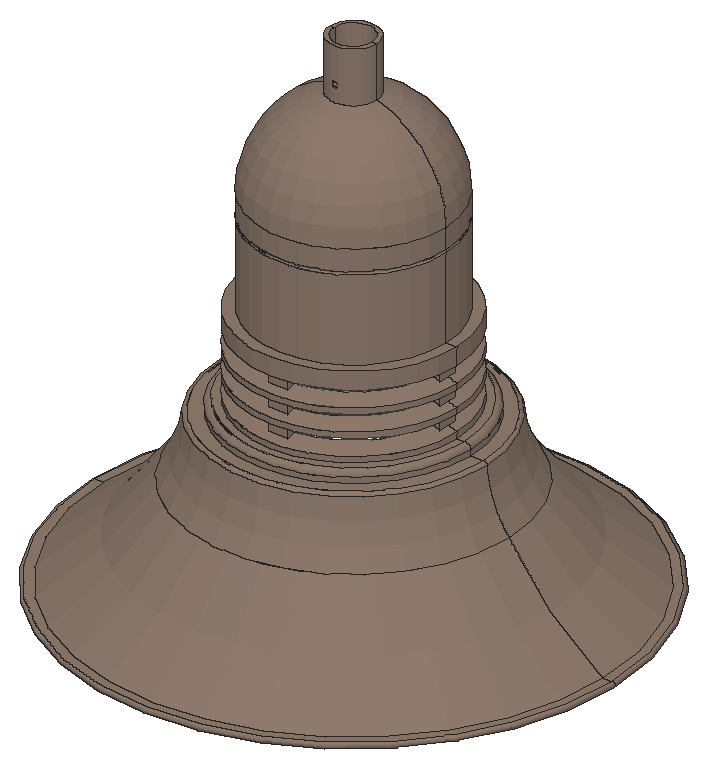
Revit family "BVF2409", category Generic Models, Revit 2014
Parameters
  GLASS = Glass
  BELL = Bronze, Architectural
Reference planes (in)
  plane 1 "Center (Front/Back)": y = 0
  plane 2: z = 0
  plane 3 "Center (Left/Right)": x = 0
Forms (in)
  Revolve 1, solid, material "Bronze, Architectural" <- "BELL"
    sketch origin (0, 0, -0.125) x (1, 0, 0) y (0, 0, 1)
      loop
        line (-0.6575, 20.49004) -> (-1.0625, 20.49004)
        arc (-1.0625, 20.49004) -> (-3.35992, 18.97758) -> (-4.25, 16.375) r 4.25
        line (-4.25, 16.375) -> (-4.25, 15.4375)
        arc (-4.25, 15.4375) -> (-4.21143, 15.375) -> (-4.25, 15.3125) r 0.06992
        line (-4.25, 15.3125) -> (-4.25, 11.625) -> (-4.75, 11.625) -> (-4.75, 10.875) -> (-4, 10.875) -> (-4, 11) -> (-4.625, 11) -> (-4.625, 11.5) -> (-4.125, 11.5) -> (-4.125, 15.2586)
        arc (-4.125, 15.2586) -> (-4.08643, 15.375) -> (-4.125, 15.4914) r 0.19492
        line (-4.125, 15.4914) -> (-4.125, 16.375)
        arc (-4.125, 16.375) -> (-3.26592, 18.8948) -> (-1.0465, 20.36504) r 4.125
        line (-1.0465, 20.36504) -> (-0.6575, 20.36504) -> (-0.6575, 20.49004)
      axis (0, 20.49004) -> (0, 10.875)
    angle from 0 to 360
  Revolve 2, solid, material "Bronze, Architectural" <- "BELL"
    sketch origin (0, 0, -0.125) x (1, 0, 0) y (0, 0, 1)
      loop
        line (-4, 10.375) -> (-4.75, 10.125) -> (-4.75, 9.875) -> (-4.625, 9.875) -> (-4.625, 10.03491) -> (-3.96047, 10.25641) -> (-3.96047, 10.375) -> (-4, 10.375)
      loop
        line (-4, 9.375) -> (-4.75, 9.125) -> (-4.75, 8.875) -> (-4.625, 8.875) -> (-4.625, 9.03491) -> (-3.96047, 9.25641) -> (-3.96047, 9.375) -> (-4, 9.375)
      loop
        line (-4, 8.375) -> (-4.75, 8.125) -> (-4.75, 7.875) -> (-4.625, 7.875) -> (-4.625, 8.03491) -> (-3.96047, 8.25641) -> (-3.96047, 8.375) -> (-4, 8.375)
      axis (0, 10.375) -> (0, 7.875)
    angle from 0 to 360
  Extrusion 3, solid, material "Bronze, Architectural" <- "BELL"
    sketch origin (0, 0, -0.125) x (1, 0, 0) y (0, 0, 1)
      loop
        line (0.4375, 10.875) -> (-0.4375, 10.875) -> (-0.4375, 7.875) -> (0.4375, 7.875) -> (0.4375, 10.875)
    from 4 to 4.3125
  Extrusion 4, solid, material "Bronze, Architectural" <- "BELL"
    sketch origin (0, 0, -0.125) x (-1, 0, 0) y (0, 0, 1)
      loop
        line (0.4375, 10.875) -> (-0.4375, 10.875) -> (-0.4375, 7.875) -> (0.4375, 7.875) -> (0.4375, 10.875)
    from 4 to 4.3125
  Extrusion 5, solid, material "Bronze, Architectural" <- "BELL"
    sketch origin (0, 0, -0.125) x (0, -1, 0) y (0, 0, 1)
      loop
        line (0.4375, 10.875) -> (-0.4375, 10.875) -> (-0.4375, 7.875) -> (0.4375, 7.875) -> (0.4375, 10.875)
    from 4 to 4.3125
  Extrusion 6, solid, material "Bronze, Architectural" <- "BELL"
    sketch origin (0, 0, -0.125) x (0, 1, 0) y (0, 0, 1)
      loop
        line (0.4375, 10.875) -> (-0.4375, 10.875) -> (-0.4375, 7.875) -> (0.4375, 7.875) -> (0.4375, 10.875)
    from 4 to 4.3125
  Revolve 7, solid, material "Glass" <- "GLASS"
    sketch origin (0, 0, -0.125) x (1, 0, 0) y (0, 0, 1)
      loop
        line (4, 11.5) -> (0, 11.5) -> (0, 7.75) -> (4, 7.75) -> (4, 11.5)
      axis (0, 11.5) -> (0, 7.75)
    angle from 0 to 360
  Revolve 8, solid, material "Bronze, Architectural" <- "BELL"
    sketch origin (0, 0, -0.125) x (1, 0, 0) y (0, 0, 1)
      loop
        line (-1.0625, 22.80358) -> (-1.0625, 20.49004) -> (-0.875, 20.49004) -> (-0.875, 22.80358) -> (-1.0625, 22.80358)
      axis (0, 22.80358) -> (0, 20.49004)
    angle from 0 to 360
  Extrusion 9, void
    sketch origin (0, 0, -0.125) x (1, 0, 0) y (0, 0, 1)
      loop
        circle (0, 21.24004) r 0.125
    from -1.16113 to 1.14144
  Revolve 10, solid, material "Bronze, Architectural" <- "BELL"
    sketch origin (-0.00452, 0, 0.0004) x (1, 0, 0) y (0, 0, 1)
      loop
        line (-4.02812, 7.25) -> (-5.96994, 7.25)
        arc (-5.96994, 7.25) -> (-6.07735, 7.21619) -> (-6.14602, 7.12694) r 0.1875
        arc (-6.14602, 7.12694) -> (-6.46299, 5.74091) -> (-7.11563, 4.47774) r 5.65554
        arc (-7.11563, 4.47774) -> (-9.08511, 2.1478) -> (-11.4738, 0.25) r 15.45956
        line (-11.4738, 0.25) -> (-11.875, 0.25)
        arc (-11.875, 0.25) -> (-12, 0.125) -> (-11.875, 0) r 0.125
        line (-11.875, 0) -> (-11.63529, 0)
        arc (-11.63529, 0) -> (-9.09581, 1.96409) -> (-7.01267, 4.40686) r 15.58456
        arc (-7.01267, 4.40686) -> (-6.3491, 5.68843) -> (-6.02366, 7.09444) r 5.78054
        arc (-6.02366, 7.09444) -> (-6.00084, 7.11683) -> (-5.96994, 7.125) r 0.0625
        line (-5.96994, 7.125) -> (-4.02812, 7.125) -> (-4.02812, 7.25)
      axis (0, 7.25) -> (0, 0)
    angle from 0 to 360
  Revolve 11, solid, material "Bronze, Architectural" <- "BELL"
    sketch origin (0, 0, 0) x (1, 0, 0) y (0, 0, 1)
      loop
        line (-4, 7.75) -> (-5.125, 7.75)
        arc (-5.125, 7.75) -> (-5.30178, 7.67678) -> (-5.375, 7.5) r 0.25
        line (-5.375, 7.5) -> (-5.375, 7.25) -> (-4, 7.25) -> (-4, 7.75)
      axis (0, 7.25) -> (0, 7.75)
    angle from 0 to 360
Cuts and joins
  Extrusion 9 cuts Revolve 8
Dimensions and locks (in)
  aligned and locked: plane 2 to level
